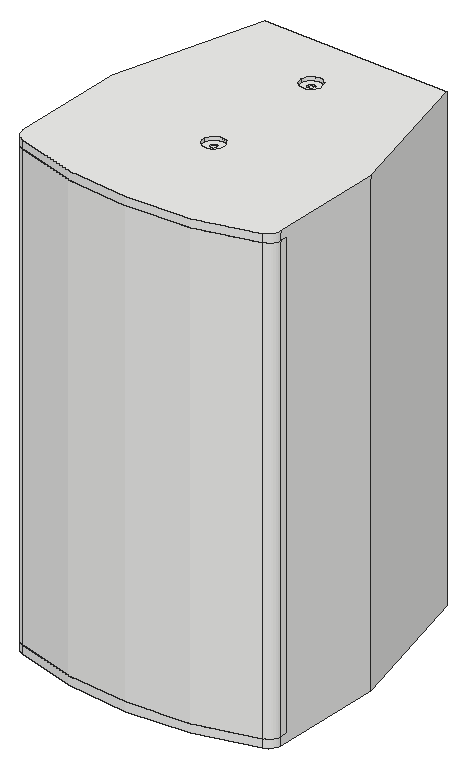
Revit family "Electronics_Community-Point-Source_Biamp_Loudspeaker_IC6_1062WR", category Communication Devices, host Face, Revit 2020
Family settings
  Host = Face
  Maintain Annotation Orientation = No
  Round Connector Dimension = Use Diameter
  Part Type = Normal
  OmniClass Number = 23.85.10.11.14.14.14
  OmniClass Title = Loudspeakers
  Cut with Voids When Loaded = No
  Shared = No
  Room Calculation Point = No
Parameters (values of type "IC6-1062WT00 W")
  Width = 8.00"  # constant formula
  Weight = 16.60 lbf
  URL = "https://www.biamp.com/"
  Type Comments = ""
  Transducers = "LF 1 x 6.5 (165mm) ferrite driver, 1.5 (37mm) voice coil; HF 1 x 1 (25mm) direct radiating damped fabric dome diaphragm, ferrofuid and heatsink-cooled dual-neodymium motor"  # constant formula
  Recommended Amplifers = "150W - 300W - 8 ohms,  (35V - 49V)"  # constant formula
  Product data url = "https://www.bimobject.com/biamp/product/ic6-1062wr_community-point-source"
  Product Page URL = "https://www.biamp.com/products/product-families/community/point-source#ic6-1062wr"
  Product Documentation Link = "https://downloads.biamp.com/assets/docs/default-source/data-sheets/biamp_data_sheet_community_ic6-1062-00.pdf"
  Operating Range = "56 Hz to 18.5 kHz"  # constant formula
  Operating Mode = "Low Impedance or 70V/100V models "  # constant formula
  Operating Environment = "Indoor or Weather-Resistant Outdoor"  # constant formula
  Nominal Sensitivity = "1W/1m - 92 dB; 2.83V - 92 dB"  # constant formula
  Nominal Maximum SPL = "Peak - 120 dB; Continious - 114 dB"  # constant formula
  Nominal Beamwidth  (H x V) = "100° x  100°"  # constant formula
  Mounting Points = "M6 threaded rigging points"  # constant formula
  Model = "IC6-1062WT00 W"
  Manufacturer = "Biamp"  # constant formula
  Input Connection = "Screw terminal block (5-position)"  # constant formula
  Housing Material = Biamp - Plastic - White
  Height = 14.29"  # constant formula
  Gril Material = Biamp - Plastic - White(Grid)
  Equalized Sensitivity = "1W/1m - 91 dB; 2.83V - 91 dB"  # constant formula
  Equalized Maximum SPL = "Peak - 119 dB; Continious - 113 dB"  # constant formula
  Environmental = "Outdoor:  IP55W per IEC 60529, MIL-STD-810G"  # constant formula
  Description = "IC6-1062WR High Output 6.5-Inch Two-Way Installation Loudspeaker"  # constant formula
  Depth = 8.94"  # constant formula
  Default Elevation = 48.00"
  Connector Description = "Screw terminal block (5-position) 70/100V applications"
Types (7): name | Weight | Model | Housing Material | Gril Material | Connector Description
  (no name) | 16.60 lbf | "IC6-1062WT00 W" | Biamp - Plastic - White | Biamp - Plastic - White(Grid) | "Screw terminal block (5-position) 70/100V applications"
  IC6-1062/WR00 G | 12.60 lbf | "IC6-1062/WR00 G" | Biamp - Plastic - Gray | Biamp - Plastic - Gray(Grid) | "Screw terminal block (5-position); Low impedance (8 ohm)"
  IC6-1062WT00 G | 16.60 lbf | "IC6-1062WT00 G" | Biamp - Plastic - Gray | Biamp - Plastic - Gray(Grid) | "Screw terminal block (5-position) 70/100V applications"
  IC6-1062/WR00 B | 12.60 lbf | "IC6-1062/WR00 B" | Biamp - Plastic - Black | Biamp - Plastic - Black(Grid) | "Screw terminal block (5-position); Low impedance (8 ohm)"
  IC6-1062/WR00 W | 12.60 lbf | "IC6-1062/WR00 W" | Biamp - Plastic - White | Biamp - Plastic - White(Grid) | "Screw terminal block (5-position); Low impedance (8 ohm)"
  IC6-1062WT00 B | 16.60 lbf | "IC6-1062WT00 B" | Biamp - Plastic - Black | Biamp - Plastic - Black(Grid) | "Screw terminal block (5-position) 70/100V applications"
  IC6-1062WT00 W | 16.60 lbf | "IC6-1062WT00 W" | Biamp - Plastic - White | Biamp - Plastic - White(Grid) | "Screw terminal block (5-position) 70/100V applications"
Reference planes (in)
  plane 1 "Center (Front/Back)": y = 0
  plane 2: z = 0
  plane 3 "Center (Left/Right)": x = 0
Forms (in)
  Extrusion 1, solid, material "Biamp - Plastic - White" <- "Housing Material", detail levels medium+fine
    sketch origin (0, 1.56, 0) x (0, 1, 0) y (-1, 0, 0)
      loop
        line (3.69, -2.82) -> (3.69, 2.82) -> (-0.72, 4.00166) -> (-4.20986, 4.00166)
        arc (-4.20986, 4.00166) -> (-4.4371, 3.92497) -> (-4.57139, 3.72626) r 0.375
        arc (-4.57139, 3.72626) -> (-5.25, 0) -> (-4.57139, -3.72626) r 10.56983
        arc (-4.57139, -3.72626) -> (-4.4371, -3.92497) -> (-4.20986, -4.00166) r 0.375
        line (-4.20986, -4.00166) -> (-0.72, -4.00166) -> (3.69, -2.82)
    from 0 to 14.29
  Extrusion 2, void
    sketch origin (0, 1.56, 0) x (0, 1, 0) y (-1, 0, 0)
      loop
        arc (-4, 5.10129) -> (-5.3125, 0) -> (-4, -5.10129) r 10.56983
        line (-4, -5.10129) -> (-4, 5.10129)
    from 0.25384 to 14.04
  Extrusion 3, solid, material "Biamp - Plastic - White(Grid)" <- "Gril Material", detail levels medium+fine
    sketch origin (0, 1.56, 0) x (0, 1, 0) y (-1, 0, 0)
      loop
        arc (-4.57139, 3.72626) -> (-5.25, 0) -> (-4.57139, -3.72626) r 10.56983
        arc (-4.57139, -3.72626) -> (-4.4371, -3.92497) -> (-4.20986, -4.00166) r 0.375
        line (-4.20986, -4.00166) -> (-4, -4.00166) -> (-4, 4.00166) -> (-4.20986, 4.00166)
        arc (-4.20986, 4.00166) -> (-4.4371, 3.92497) -> (-4.57139, 3.72626) r 0.375
    from 0.25384 to 14.04
  Extrusion 4, void
    sketch origin (0, 1.56, 0) x (1, 0, 0) y (0, 1, 0)
      loop
        circle (0, 1.958) r 0.32
      loop
        circle (0, -1.822) r 0.32
    from 14.1979 to 14.29
  Extrusion 5, void
    sketch origin (0.75, 1.56, 0) x (1, 0, 0) y (0, 1, 0)
      loop
        circle (-0.75, 1.958) r 0.1
      loop
        circle (-0.75, -1.822) r 0.1
    from 14.18 to 14.2
  Extrusion 6, void
    sketch origin (0, 0, 0) x (1, 0, 0) y (0, 0, 1)
      loop
        line (-1.625, 3.00384) -> (1.625, 3.00384) -> (1.625, 8.45384) -> (-1.625, 8.45384) -> (-1.625, 3.00384)
    from -5.25 to -5.03478
  Extrusion 7, void
    sketch origin (0, 0, 0) x (1, 0, 0) y (0, 0, 1)
      loop
        circle (1, 12.96) r 0.32
      loop
        circle (-1, 12.96) r 0.32
      loop
        circle (1, 9.21) r 0.32
      loop
        circle (-1, 9.21) r 0.32
      loop
        circle (0, 11.085) r 0.32
    from -5.25 to -5.16
  Extrusion 8, void
    sketch origin (-2.85758, 0, 0) x (1, 0, 0) y (0, 0, 1)
      loop
        circle (3.85758, 12.96) r 0.1
      loop
        circle (1.85758, 12.96) r 0.1
      loop
        circle (3.85758, 9.21) r 0.1
      loop
        circle (1.85758, 9.21) r 0.1
      loop
        circle (2.85758, 11.085) r 0.1
    from -5.14 to -5.16
  Extrusion 9, solid, material "Biamp - Plastic - White" <- "Housing Material", detail levels medium+fine
    sketch origin (0, 0, 0) x (1, 0, 0) y (0, 0, 1)
      loop
        line (0.25, 3.22884) -> (0.25, 8.22884) -> (-0.25, 8.22884) -> (-0.25, 3.22884) -> (0.25, 3.22884)
    from -5.14195 to -5.03478
  Extrusion 10, solid, material "Biamp - Plastic - White" <- "Housing Material", detail levels coarse
    sketch origin (0, 1.56, 0) x (0, 1, 0) y (-1, 0, 0)
      loop
        line (3.69, -2.82) -> (3.69, 2.82) -> (-0.72, 4.00166) -> (-4.46322, 4.00166)
        arc (-4.46322, 4.00166) -> (-5.25, 0) -> (-4.46322, -4.00166) r 10.56983
        line (-4.46322, -4.00166) -> (-0.72, -4.00166) -> (3.69, -2.82)
    from 0 to 14.29
Cuts and joins
  Extrusion 2, Extrusion 4, Extrusion 5, Extrusion 6, Extrusion 7, Extrusion 8 cuts Extrusion 1
  joined: Extrusion 1, Extrusion 9
  Extrusion 6, Extrusion 7 cuts Extrusion 3
Lines and regions (in)
  Masking region 1, detail levels medium+fine
    outline origin (0, 0, 0) x (1, 0, 0) y (0, 1, 0)
      loop
        line (2.82, 5.25) -> (-2.82, 5.25) -> (-4.00166, 0.84) -> (-4.00166, -2.64986)
        arc (-4.00166, -2.64986) -> (-3.94513, -2.84784) -> (-3.79261, -2.98614) r 0.375
        arc (-3.79261, -2.98614) -> (0, -3.69) -> (3.79261, -2.98614) r 10.56983
        arc (3.79261, -2.98614) -> (3.94513, -2.84784) -> (4.00166, -2.64986) r 0.375
        line (4.00166, -2.64986) -> (4.00166, 0.84) -> (2.82, 5.25)
  Masking region 2, detail levels coarse
    outline origin (0, -0.5, 0) x (1, 0, 0) y (0, 1, 0)
      loop
        line (2.82, 5.75) -> (-2.82, 5.75) -> (-4.00166, 1.34) -> (-4.00166, -2.40322)
        arc (-4.00166, -2.40322) -> (0, -3.19) -> (4.00166, -2.40322) r 10.56983
        line (4.00166, -2.40322) -> (4.00166, 1.34) -> (2.82, 5.75)
  symbolic lines, detail levels medium+fine
    curve 1: arc (0.32, -0.262, 0) -> (0, -0.582, 0) -> (-0.32, -0.262, 0) r 0.32
    curve 2: arc (0.32, -0.262, 0) -> (0, 0.058, 0) -> (-0.32, -0.262, 0) r 0.32
    curve 3: arc (0.1, -0.262, 0) -> (0, -0.162, 0) -> (-0.1, -0.262, 0) r 0.1
    curve 4: arc (-0.1, -0.262, 0) -> (0, -0.362, 0) -> (0.1, -0.262, 0) r 0.1
    curve 5: arc (-0.32, 3.518, 0) -> (0, 3.198, 0) -> (0.32, 3.518, 0) r 0.32
    curve 6: arc (0.32, 3.518, 0) -> (0, 3.838, 0) -> (-0.32, 3.518, 0) r 0.32
    curve 7: arc (-0.1, 3.518, 0) -> (0, 3.418, 0) -> (0.1, 3.518, 0) r 0.1
    curve 8: arc (0.1, 3.518, 0) -> (0, 3.618, 0) -> (-0.1, 3.518, 0) r 0.1
Dimensions and locks (in)
  aligned and locked: plane 2 to host face
  aligned and locked: level to host face
Connectors (in)
  electrical at (0, 5.14195, 5.72884), driven by "Connector Description"
    settings: on cut or joined group of Extrusion 1, Extrusion 2, Extrusion 4, Extrusion 5, Extrusion 6, Extrusion 7, Extrusion 8, Extrusion 9, index 1, voltage 0 V, apparent load 0 VA, apparent load phase1 0 VA, apparent load phase2 0 VA, apparent load phase3 0 VA, power factor 1, load classification "Other", number of poles 1, system type 5, power factor state 1, is connector primary yes, connector utility no, sub classification motor no, connector description "Screw terminal block (5-position) 70/100V applications"
